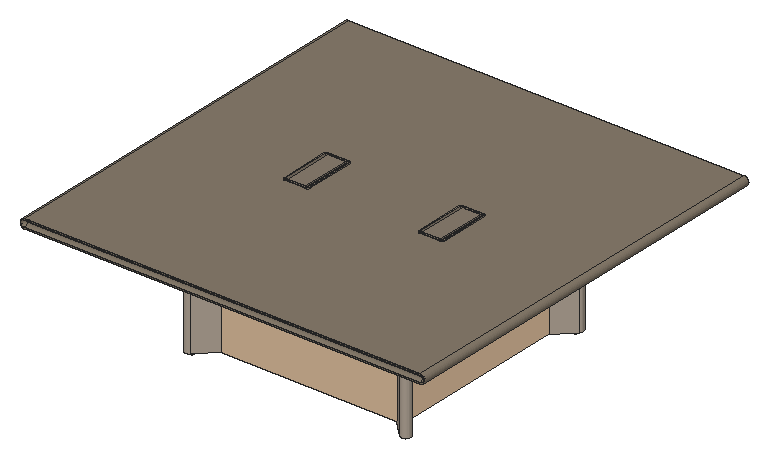
Revit family "Table-Teknion-CFSBCN_Figure_Table_Square_Gable_Enclosed_Base_Bullnose_Cove_Edge-R2023", category Furniture, Revit 2023
Family settings
  OmniClass Number = 23.40.20.00
  OmniClass Title = General Furniture and Specialties
  Work Plane-Based = No
  Enable Cutting in Views = No
  Always vertical = Yes
  Cut with Voids When Loaded = No
  Render Appearance Source = Family Geometry
  Shared = Yes
  Room Calculation Point = No
Parameters (values of type "Figure Table, Square, Gable Enclosed Base, Bullnose Cove Edge")
  Warranty = "http://www.teknion.com/ca/papers/legal-canada"
  Void Gap [instance] = if(Size > 66.000", 26.250", if(Size = 66.000", 23.500", 10.000"))  # 26.250"
  Unit Weight URL = "http://www.teknion.com/ca/tools/assets#&asset=bee6a381-b954-425e-8283-5a2de3a804f2,f828d448-4b62-4231-9e5f-9a8991c0ed77"
  URL = "www.teknion.com"
  Top Finish [instance] = Veneer -Teknion - UX - Rustic Oak - Brindle
  To render please download texture images found here [instance] = "https://assets.teknion.com/web/5e81352c1dfdb467/revit-material-swatches/"
  Sustainability Data = "https://www.teknion.com/ca/tools/assets#&topic=216f99a5-57a0-44fc-b10a-9dee9b29ae4c&asset=444deb64-fe58-4b68-981e-f75e97781df7,b4ff2d81-9f2e-437d-9659-7cffb09c31cf"
  Surface Power Access [instance] = yes
  Size [instance] = 90.000"
  Single Power Cut Out [instance] = if(Single Power, 2.250", 1.000")  # 1.000"
  Single Power [instance] = and(Surface Power Access, or(Size = 54.000", Size = 60.000"))  # no
  Series = "Custom Wood"  # constant formula
  Product Page URL = "https://www.teknion.com/ca/products/product-details?productLineId=f182336e-8e7a-673b-a6c8-ff00004460c4"
  Product Line = "Figure - Square Table"  # constant formula
  Product Documentation Link = "https://d2r72yk5wmppdj.cloudfront.net/m/7b6608f508e3c5a8/Community_Table_Cut_Sheet.pdf"
  Power Length [instance] = if(Size > 72.000", 11.820", 6.800")  # 11.820"
  Power Cover Finish [instance] = Paint - Teknion - Mica - Burnished Bronze
  Part Number = "CFSBCN"  # constant formula
  No Power Access [instance] = not(Surface Power Access)  # no
  Model = "CFSBCN__S__"
  Manufacturer Phone = "416-661-3370"  # constant formula
  Manufacturer Fax = "416.661.4586"  # constant formula
  Manufacturer Contact Information = "http://www.teknion.com/ca/contactus"
  Manufacturer Address = "1150 Flint Road, Toronto, ON. M3J 2J5. Canada"  # constant formula
  Manufacturer = "Teknion"  # constant formula
  How To Use Teknion Materials User Guide [instance] = "https://assets.teknion.com/m/205dd0a49fa58060/original/How-to-add-a-Material-Library-and-Texture-Images-to-your-Revit-project.pdf"
  For Additional Finishes please visit [instance] = "https://assets.teknion.com/m/44a8009b046e5d47/original/Teknion_Materials_Library.zip"
  Double Power Cut out [instance] = if(Double Power, 27.500", 10.000")  # 27.500"
  Double Power [instance] = and(Surface Power Access, Size > 60.000")  # yes
  Description = "Figure Table, Square, Gable Enclosed Base, Bullnose Cove Edge"
  Default Elevation = 0.000"
  Base Finish [instance] = Veneer-Teknion-LL-Natural_Veneer_V3-Silverwash_Flat_Cut
  Base Accent Finish [instance] = Veneer - Teknion - 5N - Flintwood - White Oak
  Available Size [instance] = "48\",54\",60\",66\",72\",78\",84\",90\""  # constant formula
  Assembly Code = "E2020200"
Reference planes (in)
  plane 1 "Center Front/Back": y = 0
  plane 2: z = 0
  plane 3 "Center Left/Right": x = 0
  plane 4 "Left": x = -45
  plane 5 "Right": x = 45
  plane 6 "Back": y = 45
  plane 7 "Front": y = -45
  plane 8 "Top": z = 29
  plane 9: x = -24
  plane 10: y = -24
  plane 11: x = 24
  plane 12: y = 24
Forms (in)
  Sweep 1, solid, material "Veneer -Teknion - UX - Rustic Oak - Brindle" <- "Top Finish"
    path origin (0, 0, 0) x (1, 0, 0) y (0, 1, 0)
      loop
        line (0, 45) -> (0, -45)
    profile origin (0, 0, 0) x (1, 0, 0) y (0, 0, 1)
      loop
        arc (-44, 29) -> (-45, 28) -> (-44, 27) r 1
        line (-44, 27) -> (44, 27)
        arc (44, 27) -> (45, 28) -> (44, 29) r 1
        line (44, 29) -> (-44, 29)
  Sweep 2, void
    path origin (0, 0, 0) x (1, 0, 0) y (0, 1, 0)
      loop
        line (-44, -45) -> (44, -45)
    profile origin (0, -45, 0) x (0, 1, 0) y (0, 0, 1)
      loop
        circle (0, 28) r 0.813
      loop
        circle (90, 28) r 0.813
  Revolve 3, void
    sketch origin (-64.19161, -45, 48) x (-1, 0, 0) y (0, 0, 1)
      loop
        line (-20.19161, -20) -> (-19.37861, -20)
        arc (-19.37861, -20) -> (-19.61673, -19.42512) -> (-20.19161, -19.187) r 0.813
        line (-20.19161, -19.187) -> (-20.19161, -20)
      axis (-20.19161, -20) -> (-19.37861, -20)
    angle from 0 to 360
  Revolve 4, void
    sketch origin (64.19161, -45, 48) x (1, 0, 0) y (0, 0, -1)
      loop
        line (-20.19161, 20) -> (-20.19161, 19.187)
        arc (-20.19161, 19.187) -> (-19.61673, 19.42512) -> (-19.37861, 20) r 0.813
        line (-19.37861, 20) -> (-20.19161, 20)
      axis (-20.19161, 20) -> (-19.37861, 20)
    angle from 0 to 360
  Revolve 5, void
    sketch origin (-64.19161, 45, 48) x (-1, 0, 0) y (0, 0, 1)
      loop
        line (-108.19161, -20) -> (-108.19161, -19.187)
        arc (-108.19161, -19.187) -> (-108.76648, -19.42512) -> (-109.00461, -20) r 0.813
        line (-109.00461, -20) -> (-108.19161, -20)
      axis (-108.19161, -20) -> (-109.00461, -20)
    angle from 0 to 360
  Revolve 6, void
    sketch origin (64.19161, 45, 48) x (1, 0, 0) y (0, 0, -1)
      loop
        line (-108.19161, 20) -> (-109.00461, 20)
        arc (-109.00461, 20) -> (-108.76648, 19.42512) -> (-108.19161, 19.187) r 0.813
        line (-108.19161, 19.187) -> (-108.19161, 20)
      axis (-108.19161, 20) -> (-109.00461, 20)
    angle from 0 to 360
  Sweep 7, solid, material "Veneer -Teknion - UX - Rustic Oak - Brindle" <- "Top Finish"
    path origin (-64.19161, 45, 48) x (-1, 0, 0) y (0, 0, 1)
      loop
        line (-64.19161, -20.5) -> (-64.19161, -21.25)
    profile origin (0, 45, 27.125) x (0, 1, 0) y (-1, 0, 0)
      loop
        line (-8, 37) -> (-82, 37) -> (-82, -37) -> (-8, -37) -> (-8, 37)
  Sweep 8, void
    path origin (-64.19161, 45, 48) x (-1, 0, 0) y (0, 0, 1)
      loop
        line (-64.19161, -20.5) -> (-64.19161, -21)
    profile origin (0, 45, 27.25) x (0, 1, 0) y (-1, 0, 0)
      loop
        line (-6, 39) -> (-84, 39) -> (-84, -39) -> (-6, -39) -> (-6, 39)
  Sweep 9, void
    path origin (-64.19161, 45, 48) x (-1, 0, 0) y (0, 0, 1)
      loop
        line (-64.19161, -48) -> (-64.19161, -20.5)
    profile origin (0, 45, 13.75) x (1, 0, 0) y (0, 1, 0)
      loop
        line (-11.75, -36.5) -> (-18.25, -36.5)
        arc (-18.25, -36.5) -> (-18.60355, -36.64645) -> (-18.75, -37) r 0.5
        line (-18.75, -37) -> (-18.75, -53)
        arc (-18.75, -53) -> (-18.60355, -53.35355) -> (-18.25, -53.5) r 0.5
        line (-18.25, -53.5) -> (-11.75, -53.5)
        arc (-11.75, -53.5) -> (-11.39645, -53.35355) -> (-11.25, -53) r 0.5
        line (-11.25, -53) -> (-11.25, -37)
        arc (-11.25, -37) -> (-11.39645, -36.64645) -> (-11.75, -36.5) r 0.5
      loop
        arc (11.75, -36.5) -> (11.39645, -36.64645) -> (11.25, -37) r 0.5
        line (11.25, -37) -> (11.25, -53)
        arc (11.25, -53) -> (11.39645, -53.35355) -> (11.75, -53.5) r 0.5
        line (11.75, -53.5) -> (18.25, -53.5)
        arc (18.25, -53.5) -> (18.60355, -53.35355) -> (18.75, -53) r 0.5
        line (18.75, -53) -> (18.75, -37)
        arc (18.75, -37) -> (18.60355, -36.64645) -> (18.25, -36.5) r 0.5
        line (18.25, -36.5) -> (11.75, -36.5)
  Sweep 10, void
    path origin (-64.19161, 45, 48) x (-1, 0, 0) y (0, 0, 1)
      loop
        line (-64.19161, -19) -> (-64.19161, -20.5)
    profile origin (0, 45, 28.25) x (0, 1, 0) y (-1, 0, 0)
      loop
        line (-39.09, 12.6987) -> (-39.09, 17.3013)
        arc (-39.09, 17.3013) -> (-39.20531, 17.57969) -> (-39.4837, 17.695) r 0.3937
        line (-39.4837, 17.695) -> (-50.5163, 17.695)
        arc (-50.5163, 17.695) -> (-50.79469, 17.57969) -> (-50.91, 17.3013) r 0.3937
        line (-50.91, 17.3013) -> (-50.91, 12.6987)
        arc (-50.91, 12.6987) -> (-50.79469, 12.42031) -> (-50.5163, 12.305) r 0.3937
        line (-50.5163, 12.305) -> (-39.4837, 12.305)
        arc (-39.4837, 12.305) -> (-39.20531, 12.42031) -> (-39.09, 12.6987) r 0.3937
      loop
        arc (-39.09, -12.6987) -> (-39.20531, -12.42031) -> (-39.4837, -12.305) r 0.3937
        line (-39.4837, -12.305) -> (-50.5163, -12.305)
        arc (-50.5163, -12.305) -> (-50.79469, -12.42031) -> (-50.91, -12.6987) r 0.3937
        line (-50.91, -12.6987) -> (-50.91, -17.3013)
        arc (-50.91, -17.3013) -> (-50.79469, -17.57969) -> (-50.5163, -17.695) r 0.3937
        line (-50.5163, -17.695) -> (-39.4837, -17.695)
        arc (-39.4837, -17.695) -> (-39.20531, -17.57969) -> (-39.09, -17.3013) r 0.3937
        line (-39.09, -17.3013) -> (-39.09, -12.6987)
  Sweep 11, solid, material "Paint - Teknion - Mica - Burnished Bronze" <- "Power Cover Finish", visible <- "Double Power"
    path origin (0, 0, 0) x (1, 0, 0) y (0, 1, 0)
      loop
        line (17.3013, 5.91) -> (12.6987, 5.91)
        arc (12.6987, 5.91) -> (12.42031, 5.79469) -> (12.305, 5.5163) r 0.3937
        line (12.305, 5.5163) -> (12.305, -5.5163)
        arc (12.305, -5.5163) -> (12.42031, -5.79469) -> (12.6987, -5.91) r 0.3937
        line (12.6987, -5.91) -> (17.3013, -5.91)
        arc (17.3013, -5.91) -> (17.57969, -5.79469) -> (17.695, -5.5163) r 0.3937
        line (17.695, -5.5163) -> (17.695, 5.5163)
        arc (17.695, 5.5163) -> (17.57969, 5.79469) -> (17.3013, 5.91) r 0.3937
    profile origin (15, 5.91, 0) x (0, -1, 0) y (0, 0, 1)
      loop
        line (-0.005, 27.5) -> (0.18494, 27.5) -> (0.18494, 28.2441) -> (0.14161, 29.07087) -> (-0.10249, 29.07087) -> (-0.10249, 29) -> (-0.005, 29) -> (-0.005, 27.5)
  Sweep 12, solid, material "Paint - Teknion - Mica - Burnished Bronze" <- "Power Cover Finish", visible <- "Double Power"
    path origin (0, 0, 0) x (1, 0, 0) y (0, 1, 0)
      loop
        line (-12.6987, 5.91) -> (-17.3013, 5.91)
        arc (-17.3013, 5.91) -> (-17.57969, 5.79469) -> (-17.695, 5.5163) r 0.3937
        line (-17.695, 5.5163) -> (-17.695, -5.5163)
        arc (-17.695, -5.5163) -> (-17.57969, -5.79469) -> (-17.3013, -5.91) r 0.3937
        line (-17.3013, -5.91) -> (-12.6987, -5.91)
        arc (-12.6987, -5.91) -> (-12.42031, -5.79469) -> (-12.305, -5.5163) r 0.3937
        line (-12.305, -5.5163) -> (-12.305, 5.5163)
        arc (-12.305, 5.5163) -> (-12.42031, 5.79469) -> (-12.6987, 5.91) r 0.3937
    profile origin (-15, 5.91, 0) x (0, -1, 0) y (0, 0, 1)
      loop
        line (-0.13263, 29.07087) -> (-0.13263, 29) -> (-0.005, 29) -> (-0.005, 27.5) -> (0.15479, 27.5) -> (0.15479, 28.2441) -> (0.11146, 29.07087) -> (-0.13263, 29.07087)
  Sweep 13, solid, material "Paint - Teknion - Mica - Burnished Bronze" <- "Power Cover Finish", visible <- "Double Power"
    path origin (-64.19161, 45, 48) x (-1, 0, 0) y (0, 0, 1)
      loop
        line (-64.19161, -18.9685) -> (-64.19161, -19.12598)
    profile origin (0, 45, 28.95276) x (0, 1, 0) y (-1, 0, 0)
      loop
        arc (-39.31687, 16.85039) -> (-39.35111, 16.93304) -> (-39.43375, 16.96727) r 0.11687
        line (-39.43375, 16.96727) -> (-50.53611, 16.96727)
        arc (-50.53611, 16.96727) -> (-50.61875, 16.93304) -> (-50.65298, 16.85039) r 0.11687
        line (-50.65298, 16.85039) -> (-50.65298, 13.14961)
        arc (-50.65298, 13.14961) -> (-50.61875, 13.06696) -> (-50.53611, 13.03273) r 0.11687
        line (-50.53611, 13.03273) -> (-39.43375, 13.03273)
        arc (-39.43375, 13.03273) -> (-39.35111, 13.06696) -> (-39.31687, 13.14961) r 0.11687
        line (-39.31687, 13.14961) -> (-39.31687, 16.85039)
      loop
        arc (-39.31687, -13.14961) -> (-39.35111, -13.06696) -> (-39.43375, -13.03273) r 0.11687
        line (-39.43375, -13.03273) -> (-50.53611, -13.03273)
        arc (-50.53611, -13.03273) -> (-50.61875, -13.06696) -> (-50.65298, -13.14961) r 0.11687
        line (-50.65298, -13.14961) -> (-50.65298, -16.85039)
        arc (-50.65298, -16.85039) -> (-50.61875, -16.93304) -> (-50.53611, -16.96727) r 0.11687
        line (-50.53611, -16.96727) -> (-39.43375, -16.96727)
        arc (-39.43375, -16.96727) -> (-39.35111, -16.93304) -> (-39.31687, -16.85039) r 0.11687
        line (-39.31687, -16.85039) -> (-39.31687, -13.14961)
  Sweep 14, void
    path origin (-64.19161, 45, 48) x (-1, 0, 0) y (0, 0, 1)
      loop
        line (-64.19161, -19) -> (-64.19161, -20)
    profile origin (0, 45, 28.5) x (0, 1, 0) y (-1, 0, 0)
      loop
        arc (-53, 3.75) -> (-53.35355, 3.60355) -> (-53.5, 3.25) r 0.5
        line (-53.5, 3.25) -> (-53.5, -3.25)
        arc (-53.5, -3.25) -> (-53.35355, -3.60355) -> (-53, -3.75) r 0.5
        line (-53, -3.75) -> (-37, -3.75)
        arc (-37, -3.75) -> (-36.64645, -3.60355) -> (-36.5, -3.25) r 0.5
        line (-36.5, -3.25) -> (-36.5, 3.25)
        arc (-36.5, 3.25) -> (-36.64645, 3.60355) -> (-37, 3.75) r 0.5
        line (-37, 3.75) -> (-53, 3.75)
  Sweep 15, void
    path origin (-64.19161, 45, 48) x (-1, 0, 0) y (0, 0, 1)
      loop
        line (-64.19161, -19) -> (-64.19161, -20.5)
    profile origin (0, 45, 28.25) x (0, 1, 0) y (-1, 0, 0)
      loop
        arc (-39.09, 2.3013) -> (-39.20678, 2.58322) -> (-39.4887, 2.7) r 0.3987
        line (-39.4887, 2.7) -> (-50.5113, 2.7)
        arc (-50.5113, 2.7) -> (-50.79322, 2.58322) -> (-50.91, 2.3013) r 0.3987
        line (-50.91, 2.3013) -> (-50.91, -2.3013)
        arc (-50.91, -2.3013) -> (-50.79322, -2.58322) -> (-50.5113, -2.7) r 0.3987
        line (-50.5113, -2.7) -> (-39.4887, -2.7)
        arc (-39.4887, -2.7) -> (-39.20678, -2.58322) -> (-39.09, -2.3013) r 0.3987
        line (-39.09, -2.3013) -> (-39.09, 2.3013)
  Sweep 16, solid, material "Paint - Teknion - Mica - Burnished Bronze" <- "Power Cover Finish", visible <- "Single Power"
    path origin (0, 0, 0) x (1, 0, 0) y (0, 1, 0)
      loop
        line (2.3013, 5.91) -> (-2.3013, 5.91)
        arc (-2.3013, 5.91) -> (-2.58322, 5.79322) -> (-2.7, 5.5113) r 0.3987
        line (-2.7, 5.5113) -> (-2.7, -5.5113)
        arc (-2.7, -5.5113) -> (-2.58322, -5.79322) -> (-2.3013, -5.91) r 0.3987
        line (-2.3013, -5.91) -> (2.3013, -5.91)
        arc (2.3013, -5.91) -> (2.58322, -5.79322) -> (2.7, -5.5113) r 0.3987
        line (2.7, -5.5113) -> (2.7, 5.5113)
        arc (2.7, 5.5113) -> (2.58322, 5.79322) -> (2.3013, 5.91) r 0.3987
    profile origin (0, 5.91, 0) x (0, -1, 0) y (0, 0, 1)
      loop
        line (-0.13263, 29.07087) -> (-0.13263, 29) -> (-0.005, 29) -> (-0.005, 27.5) -> (0.15479, 27.5) -> (0.15479, 28.2441) -> (0.11146, 29.07087) -> (-0.13263, 29.07087)
  Sweep 17, solid, material "Paint - Teknion - Mica - Burnished Bronze" <- "Power Cover Finish", visible <- "Single Power"
    path origin (-64.19161, 45, 48) x (-1, 0, 0) y (0, 0, 1)
      loop
        line (-64.19161, -18.9685) -> (-64.19161, -19.12598)
    profile origin (0, 45, 28.95276) x (0, 1, 0) y (-1, 0, 0)
      loop
        arc (-50.53611, 1.96727) -> (-50.61875, 1.93304) -> (-50.65298, 1.85039) r 0.11687
        line (-50.65298, 1.85039) -> (-50.65298, -1.85039)
        arc (-50.65298, -1.85039) -> (-50.61875, -1.93304) -> (-50.53611, -1.96727) r 0.11687
        line (-50.53611, -1.96727) -> (-39.43375, -1.96727)
        arc (-39.43375, -1.96727) -> (-39.35111, -1.93304) -> (-39.31687, -1.85039) r 0.11687
        line (-39.31687, -1.85039) -> (-39.31687, 1.85039)
        arc (-39.31687, 1.85039) -> (-39.35111, 1.93304) -> (-39.43375, 1.96727) r 0.11687
        line (-39.43375, 1.96727) -> (-50.53611, 1.96727)
Cuts and joins
  Sweep 2, Revolve 3, Revolve 4, Revolve 5, Revolve 6, Sweep 8, Sweep 10, Sweep 15 cuts Sweep 1
  Sweep 9, Sweep 14 cuts Sweep 7
Lines and regions (in)
  Masking region 1
    outline origin (0, 0, 0) x (1, 0, 0) y (0, 1, 0)
      loop
        line (-45, 45) -> (-45, -45) -> (45, -45) -> (45, 45) -> (-45, 45)
  symbolic lines, visible <- "Double Power"
    curve 1: line (-12.6987, 6.04263, 0) -> (-17.3013, 6.04263, 0)
    curve 2: line (-17.3013, 5.79854, 0) -> (-12.6987, 5.79854, 0)
    curve 3: line (-17.3013, 5.75521, 0) -> (-12.6987, 5.75521, 0)
    curve 4: line (-13.14961, 5.68313, 0) -> (-16.85039, 5.68313, 0)
    curve 5: line (-16.96727, 5.56625, 0) -> (-16.96727, -5.53611, 0)
    curve 6: line (-13.03273, -5.53611, 0) -> (-13.03273, 5.56625, 0)
    curve 7: line (-12.45979, 5.5163, 0) -> (-12.45979, -5.5163, 0)
    curve 8: line (-12.41646, -5.5163, 0) -> (-12.41646, 5.5163, 0)
    curve 9: line (-12.17237, -5.5163, 0) -> (-12.17237, 5.5163, 0)
    curve 10: line (-17.54021, -5.5163, 0) -> (-17.54021, 5.5163, 0)
    curve 11: line (-17.58354, 5.5163, 0) -> (-17.58354, -5.5163, 0)
    curve 12: line (-17.82763, 5.5163, 0) -> (-17.82763, -5.5163, 0)
    curve 13: line (-16.85039, -5.65298, 0) -> (-13.14961, -5.65298, 0)
    curve 14: line (-12.6987, -5.75521, 0) -> (-17.3013, -5.75521, 0)
    curve 15: line (-17.3013, -5.79854, 0) -> (-12.6987, -5.79854, 0)
    curve 16: line (-17.3013, -6.04263, 0) -> (-12.6987, -6.04263, 0)
    curve 17: arc (-16.96727, -5.53611, 0) -> (-16.93304, -5.61875, 0) -> (-16.85039, -5.65298, 0) r 0.11687
    curve 18: arc (-17.58354, -5.5163, 0) -> (-17.50087, -5.71587, 0) -> (-17.3013, -5.79854, 0) r 0.28224
    curve 19: arc (-17.82763, -5.5163, 0) -> (-17.67347, -5.88847, 0) -> (-17.3013, -6.04263, 0) r 0.52633
    curve 20: arc (-13.14961, -5.65298, 0) -> (-13.06696, -5.61875, 0) -> (-13.03273, -5.53611, 0) r 0.11687
    curve 21: arc (-12.6987, -5.75521, 0) -> (-12.52977, -5.68523, 0) -> (-12.45979, -5.5163, 0) r 0.23891
    curve 22: arc (-12.6987, -5.79854, 0) -> (-12.49913, -5.71587, 0) -> (-12.41646, -5.5163, 0) r 0.28224
    curve 23: arc (-12.6987, -6.04263, 0) -> (-12.32653, -5.88847, 0) -> (-12.17237, -5.5163, 0) r 0.52633
    curve 24: arc (-13.03273, 5.56625, 0) -> (-13.06696, 5.64889, 0) -> (-13.14961, 5.68313, 0) r 0.11687
    curve 25: arc (-12.45979, 5.5163, 0) -> (-12.52977, 5.68523, 0) -> (-12.6987, 5.75521, 0) r 0.23891
    curve 26: arc (-12.41646, 5.5163, 0) -> (-12.49913, 5.71587, 0) -> (-12.6987, 5.79854, 0) r 0.28224
    curve 27: arc (-12.17237, 5.5163, 0) -> (-12.32653, 5.88847, 0) -> (-12.6987, 6.04263, 0) r 0.52633
    curve 28: arc (-16.85039, 5.68313, 0) -> (-16.93304, 5.64889, 0) -> (-16.96727, 5.56625, 0) r 0.11687
    curve 29: arc (-17.3013, 5.75521, 0) -> (-17.47023, 5.68523, 0) -> (-17.54021, 5.5163, 0) r 0.23891
    curve 30: arc (-17.3013, 5.79854, 0) -> (-17.50087, 5.71587, 0) -> (-17.58354, 5.5163, 0) r 0.28224
    curve 31: arc (-17.3013, 6.04263, 0) -> (-17.67347, 5.88847, 0) -> (-17.82763, 5.5163, 0) r 0.52633
    curve 32: arc (-17.54021, -5.5163, 0) -> (-17.47023, -5.68523, 0) -> (-17.3013, -5.75521, 0) r 0.23891
    curve 33: line (17.3013, 6.01249, 0) -> (12.6987, 6.01249, 0)
    curve 34: line (12.6987, 5.72506, 0) -> (17.3013, 5.72506, 0)
    curve 35: line (12.6987, 5.76839, 0) -> (17.3013, 5.76839, 0)
    curve 36: line (16.85039, 5.68313, 0) -> (13.14961, 5.68313, 0)
    curve 37: line (12.20251, 5.5163, 0) -> (12.20251, -5.5163, 0)
    curve 38: line (12.44661, 5.5163, 0) -> (12.44661, -5.5163, 0)
    curve 39: line (12.48994, -5.5163, 0) -> (12.48994, 5.5163, 0)
    curve 40: line (13.03273, 5.56625, 0) -> (13.03273, -5.53611, 0)
    curve 41: line (16.96727, -5.53611, 0) -> (16.96727, 5.56625, 0)
    curve 42: line (17.51006, 5.5163, 0) -> (17.51006, -5.5163, 0)
    curve 43: line (17.55339, -5.5163, 0) -> (17.55339, 5.5163, 0)
    curve 44: line (17.79749, -5.5163, 0) -> (17.79749, 5.5163, 0)
    curve 45: line (13.14961, -5.65298, 0) -> (16.85039, -5.65298, 0)
    curve 46: line (17.3013, -5.72506, 0) -> (12.6987, -5.72506, 0)
    curve 47: line (12.6987, -5.76839, 0) -> (17.3013, -5.76839, 0)
    curve 48: line (12.6987, -6.01249, 0) -> (17.3013, -6.01249, 0)
    curve 49: arc (12.20251, -5.5163, 0) -> (12.34784, -5.86716, 0) -> (12.6987, -6.01249, 0) r 0.49619
    curve 50: arc (12.44661, -5.5163, 0) -> (12.52044, -5.69456, 0) -> (12.6987, -5.76839, 0) r 0.25209
    curve 51: arc (12.48994, -5.5163, 0) -> (12.55108, -5.66392, 0) -> (12.6987, -5.72506, 0) r 0.20877
    curve 52: arc (13.03273, -5.53611, 0) -> (13.06696, -5.61875, 0) -> (13.14961, -5.65298, 0) r 0.11687
    curve 53: arc (16.85039, -5.65298, 0) -> (16.93304, -5.61875, 0) -> (16.96727, -5.53611, 0) r 0.11687
    curve 54: arc (17.3013, -5.72506, 0) -> (17.44892, -5.66392, 0) -> (17.51006, -5.5163, 0) r 0.20877
    curve 55: arc (17.3013, -5.76839, 0) -> (17.47956, -5.69456, 0) -> (17.55339, -5.5163, 0) r 0.25209
    curve 56: arc (17.3013, -6.01249, 0) -> (17.65216, -5.86716, 0) -> (17.79749, -5.5163, 0) r 0.49619
    curve 57: arc (16.96727, 5.56625, 0) -> (16.93304, 5.64889, 0) -> (16.85039, 5.68313, 0) r 0.11687
    curve 58: arc (17.51006, 5.5163, 0) -> (17.44892, 5.66392, 0) -> (17.3013, 5.72506, 0) r 0.20877
    curve 59: arc (17.55339, 5.5163, 0) -> (17.47956, 5.69456, 0) -> (17.3013, 5.76839, 0) r 0.25209
    curve 60: arc (17.79749, 5.5163, 0) -> (17.65216, 5.86716, 0) -> (17.3013, 6.01249, 0) r 0.49619
    curve 61: arc (13.14961, 5.68313, 0) -> (13.06696, 5.64889, 0) -> (13.03273, 5.56625, 0) r 0.11687
    curve 62: arc (12.6987, 5.72506, 0) -> (12.55108, 5.66392, 0) -> (12.48994, 5.5163, 0) r 0.20877
    curve 63: arc (12.6987, 5.76839, 0) -> (12.52044, 5.69456, 0) -> (12.44661, 5.5163, 0) r 0.25209
    curve 64: arc (12.6987, 6.01249, 0) -> (12.34784, 5.86716, 0) -> (12.20251, 5.5163, 0) r 0.49619
  symbolic lines, visible <- "Single Power"
    curve 65: line (2.3013, 6.04263, 0) -> (-2.3013, 6.04263, 0)
    curve 66: line (-2.3013, 5.79854, 0) -> (2.3013, 5.79854, 0)
    curve 67: line (-2.3013, 5.75521, 0) -> (2.3013, 5.75521, 0)
    curve 68: line (1.85039, 5.68313, 0) -> (-1.85039, 5.68313, 0)
    curve 69: line (-2.83263, 5.5113, 0) -> (-2.83263, -5.5113, 0)
    curve 70: line (-2.58854, -5.5113, 0) -> (-2.58854, 5.5113, 0)
    curve 71: line (-2.54521, -5.5113, 0) -> (-2.54521, 5.5113, 0)
    curve 72: line (-1.96727, 5.56625, 0) -> (-1.96727, -5.53611, 0)
    curve 73: line (1.96727, -5.53611, 0) -> (1.96727, 5.56625, 0)
    curve 74: line (2.54521, 5.5113, 0) -> (2.54521, -5.5113, 0)
    curve 75: line (2.58854, 5.5113, 0) -> (2.58854, -5.5113, 0)
    curve 76: line (2.83263, -5.5113, 0) -> (2.83263, 5.5113, 0)
    curve 77: line (-1.85039, -5.65298, 0) -> (1.85039, -5.65298, 0)
    curve 78: line (2.3013, -5.75521, 0) -> (-2.3013, -5.75521, 0)
    curve 79: line (2.3013, -5.79854, 0) -> (-2.3013, -5.79854, 0)
    curve 80: line (-2.3013, -6.04263, 0) -> (2.3013, -6.04263, 0)
    curve 81: arc (-2.83263, -5.5113, 0) -> (-2.67701, -5.88701, 0) -> (-2.3013, -6.04263, 0) r 0.53133
    curve 82: arc (-2.3013, -5.79854, 0) -> (-2.50441, -5.71441, 0) -> (-2.58854, -5.5113, 0) r 0.28724
    curve 83: arc (-2.54521, -5.5113, 0) -> (-2.47377, -5.68377, 0) -> (-2.3013, -5.75521, 0) r 0.24391
    curve 84: arc (-1.96727, -5.53611, 0) -> (-1.93304, -5.61875, 0) -> (-1.85039, -5.65298, 0) r 0.11687
    curve 85: arc (1.85039, -5.65298, 0) -> (1.93304, -5.61875, 0) -> (1.96727, -5.53611, 0) r 0.11687
    curve 86: arc (2.3013, -5.75521, 0) -> (2.47377, -5.68377, 0) -> (2.54521, -5.5113, 0) r 0.24391
    curve 87: arc (2.58854, -5.5113, 0) -> (2.50441, -5.71441, 0) -> (2.3013, -5.79854, 0) r 0.28724
    curve 88: arc (2.3013, -6.04263, 0) -> (2.67701, -5.88701, 0) -> (2.83263, -5.5113, 0) r 0.53133
    curve 89: arc (1.96727, 5.56625, 0) -> (1.93304, 5.64889, 0) -> (1.85039, 5.68313, 0) r 0.11687
    curve 90: arc (2.54521, 5.5113, 0) -> (2.47377, 5.68377, 0) -> (2.3013, 5.75521, 0) r 0.24391
    curve 91: arc (2.3013, 5.79854, 0) -> (2.50441, 5.71441, 0) -> (2.58854, 5.5113, 0) r 0.28724
    curve 92: arc (2.83263, 5.5113, 0) -> (2.67701, 5.88701, 0) -> (2.3013, 6.04263, 0) r 0.53133
    curve 93: arc (-1.85039, 5.68313, 0) -> (-1.93304, 5.64889, 0) -> (-1.96727, 5.56625, 0) r 0.11687
    curve 94: arc (-2.3013, 5.75521, 0) -> (-2.47377, 5.68377, 0) -> (-2.54521, 5.5113, 0) r 0.24391
    curve 95: arc (-2.58854, 5.5113, 0) -> (-2.50441, 5.71441, 0) -> (-2.3013, 5.79854, 0) r 0.28724
    curve 96: arc (-2.3013, 6.04263, 0) -> (-2.67701, 5.88701, 0) -> (-2.83263, 5.5113, 0) r 0.53133
  symbolic lines, style "FurnitureHiddenLines", detail levels medium+fine
    curve 97: line (-39, 39, 0) -> (39, 39, 0)
    curve 98: line (-39, -39, 0) -> (-39, 39, 0)
    curve 99: line (39, -39, 0) -> (-39, -39, 0)
    curve 100: line (39, 39, 0) -> (39, -39, 0)
    curve 101: line (-37, 37, 0) -> (37, 37, 0)
    curve 102: line (-37, -37, 0) -> (-37, 37, 0)
    curve 103: line (37, -37, 0) -> (-37, -37, 0)
    curve 104: line (37, 37, 0) -> (37, -37, 0)
    curve 129: arc (-44.813, 45.00087, 0) -> (-44.57519, 44.42543, 0) -> (-44, 44.187, 0) r 0.813
    curve 130: line (-44, 44.187, 0) -> (44, 44.187, 0)
    curve 131: arc (44, 44.187, 0) -> (44.57543, 44.42567, 0) -> (44.813, 45.00155, 0) r 0.813
    curve 132: arc (-44.813, -45.00087, 0) -> (-44.57519, -44.42543, 0) -> (-44, -44.187, 0) r 0.813
    curve 133: line (-44, -44.187, 0) -> (44, -44.187, 0)
    curve 134: arc (44, -44.187, 0) -> (44.57543, -44.42567, 0) -> (44.813, -45.00155, 0) r 0.813
  symbolic lines, style "FurnitureHiddenLines", visible <- "Double Power", detail levels medium+fine
    curve 105: line (-11.75, 8.5, 0) -> (-18.25, 8.5, 0)
    curve 106: line (-18.75, 8, 0) -> (-18.75, -8, 0)
    curve 107: line (-18.25, -8.5, 0) -> (-11.75, -8.5, 0)
    curve 108: line (-11.25, -8, 0) -> (-11.25, 8, 0)
    curve 109: arc (-18.25, -8.5, 0) -> (-18.60355, -8.35355, 0) -> (-18.75, -8, 0) r 0.5
    curve 110: arc (-11.25, -8, 0) -> (-11.39645, -8.35355, 0) -> (-11.75, -8.5, 0) r 0.5
    curve 111: arc (-18.75, 8, 0) -> (-18.60355, 8.35355, 0) -> (-18.25, 8.5, 0) r 0.5
    curve 112: arc (-11.75, 8.5, 0) -> (-11.39645, 8.35355, 0) -> (-11.25, 8, 0) r 0.5
    curve 121: line (18.25, 8.5, 0) -> (11.75, 8.5, 0)
    curve 122: line (11.75, -8.5, 0) -> (18.25, -8.5, 0)
    curve 123: line (11.25, 8, 0) -> (11.25, -8, 0)
    curve 124: line (18.75, -8, 0) -> (18.75, 8, 0)
    curve 125: arc (18.25, 8.5, 0) -> (18.60355, 8.35355, 0) -> (18.75, 8, 0) r 0.5
    curve 126: arc (11.25, 8, 0) -> (11.39645, 8.35355, 0) -> (11.75, 8.5, 0) r 0.5
    curve 127: arc (11.75, -8.5, 0) -> (11.39645, -8.35355, 0) -> (11.25, -8, 0) r 0.5
    curve 128: arc (18.75, -8, 0) -> (18.60355, -8.35355, 0) -> (18.25, -8.5, 0) r 0.5
  symbolic lines, style "FurnitureHiddenLines", visible <- "Single Power", detail levels medium+fine
    curve 113: line (-3.75, 8, 0) -> (-3.75, -8, 0)
    curve 114: line (-3.25, -8.5, 0) -> (3.25, -8.5, 0)
    curve 115: line (3.75, -8, 0) -> (3.75, 8, 0)
    curve 116: arc (-3.75, -8, 0) -> (-3.60355, -8.35355, 0) -> (-3.25, -8.5, 0) r 0.5
    curve 117: arc (3.25, -8.5, 0) -> (3.60355, -8.35355, 0) -> (3.75, -8, 0) r 0.5
    curve 118: line (3.25, 8.5, 0) -> (-3.25, 8.5, 0)
    curve 119: arc (-3.25, 8.5, 0) -> (-3.60355, 8.35355, 0) -> (-3.75, 8, 0) r 0.5
    curve 120: arc (3.75, 8, 0) -> (3.60355, 8.35355, 0) -> (3.25, 8.5, 0) r 0.5
  reference lines
    curve 135: line (-45, 45, 0) -> (-45, -45, 0)
    curve 136: line (45, 45, 0) -> (45, -45, 0)
    curve 137: line (-45, 45, 0) -> (45, 45, 0)
    curve 138: line (-45, -45, 0) -> (45, -45, 0)
Dimensions and locks (in)
  "Size": plane 4 "Left" to plane 5 "Right"
  "Size": plane 6 "Back" to plane 7 "Front"
  plane 8 "Top" to level = 29.000"
  equal spacing: plane 6 "Back", plane 1 "Center Front/Back", plane 7 "Front"
  equal spacing: plane 4 "Left", plane 3 "Center Left/Right", plane 5 "Right"
  locked: Sweep 1 sketch curve to Sweep 1 sketch curve at 2
  locked: Sweep 1 sketch curve to plane 4 "Left" at 1
  locked: Sweep 1 sketch curve to plane 5 "Right" at 1
  locked: Sweep 2 sketch curve to plane 5 "Right" at 1
  locked: plane 4 "Left" to Sweep 2 sketch curve at 1
  locked: plane 8 "Top" to Sweep 2 sketch curve at 1  (x2)
  locked: plane 8 "Top" to Revolve 3 sketch curve at 1  (x2)
  locked: plane 8 "Top" to Revolve 5 sketch curve at 1  (x2)
  locked: plane 8 "Top" to Revolve 6 sketch curve at 1  (x2)
  plane 8 "Top" to Sweep 7 sketch curve to Sweep 7 sketch curve = 1.500" locked, 0.750" locked
  locked: plane 4 "Left" to Sweep 7 sketch curve at 8
  locked: Sweep 7 sketch curve to plane 5 "Right" at 8
  locked: plane 6 "Back" to Sweep 7 sketch curve at 8
  locked: plane 7 "Front" to Sweep 7 sketch curve at 8
  Sweep 8 sketch curve to Sweep 8 sketch curve to plane 8 "Top" = 0.500" locked, 1.500" locked
  locked: plane 4 "Left" to Sweep 8 sketch curve at 6
  locked: Sweep 8 sketch curve to plane 5 "Right" at 6
  locked: plane 6 "Back" to Sweep 8 sketch curve at 6
  locked: plane 7 "Front" to Sweep 8 sketch curve at 6
  Sweep 9 sketch curve to plane 1 "Center Front/Back" to Sweep 9 sketch curve = 8.500" locked, 8.500" locked
  locked: Sweep 10 sketch curve to Sweep 10 sketch curve at 1.5
  equal spacing: Sweep 10 sketch curve, plane 1 "Center Front/Back", Sweep 10 sketch curve
  "Power Length": Sweep 10 sketch curve to Sweep 10 sketch curve
  Sweep 11 sketch curve to Sweep 11 sketch curve to Sweep 11 sketch curve = 0.7559" locked, 0.07087" locked
  locked: plane 8 "Top" to Revolve 4 sketch curve at 1  (x2)
  Sweep 11 sketch curve to Sweep 11 sketch curve to Sweep 11 sketch curve = 0.09749" locked, 0.18994" locked
  Sweep 12 sketch curve to Sweep 12 sketch curve to Sweep 12 sketch curve = 0.15979" locked, 0.12763" locked
  Sweep 13 sketch curve to plane 8 "Top" to Sweep 13 sketch curve = 0.0315" locked, 0.12598" locked
  Sweep 14 sketch curve to plane 3 "Center Left/Right" to Sweep 14 sketch curve = 3.750" locked, 3.750" locked
  Sweep 14 sketch curve to plane 1 "Center Front/Back" to Sweep 14 sketch curve = 8.500" locked, 8.500" locked
  Sweep 15 sketch curve to plane 3 "Center Left/Right" to Sweep 15 sketch curve = 2.700" locked, 2.700" locked
  equal spacing: Sweep 15 sketch curve, plane 1 "Center Front/Back", Sweep 15 sketch curve
  "Power Length": Sweep 15 sketch curve to Sweep 15 sketch curve
  Sweep 16 sketch curve to Sweep 16 sketch curve to Sweep 16 sketch curve = 0.11646" locked, 0.12763" locked
  Sweep 17 sketch curve to plane 8 "Top" to Sweep 17 sketch curve = 0.0315" locked, 0.12598" locked
  Sweep 17 sketch curve to plane 3 "Center Left/Right" to Sweep 17 sketch curve = 1.96727" locked, 1.96727" locked
  locked: Sweep 16 to Sweep 17 sketch curve at 0.3595
  locked: Sweep 16 to Sweep 17 sketch curve at 0.38965
  locked: Sweep 9 sketch curve to Sweep 9 sketch curve at 7.5  (x2)
  "Void Gap": plane 4 "Left" to Sweep 9 sketch curve
  "Void Gap": Sweep 9 sketch curve to plane 5 "Right"
  locked: Sweep 10 sketch curve to Sweep 10 sketch curve at 5.39  (x2)
  locked: Sweep 12 to Sweep 13 sketch curve at 0.3595
  locked: Sweep 12 to Sweep 13 sketch curve at 0.38965
  locked: Sweep 12 to Sweep 13 sketch curve at 0.86036
  locked: Sweep 13 sketch curve to Sweep 12 at 0.86036
  locked: Sweep 11 to Sweep 13 sketch curve at 0.83022
  locked: Sweep 13 sketch curve to Sweep 11 at 0.83022
  "Double Power Cut out": Sweep 9 sketch curve to Sweep 9 sketch curve
  locked: Sweep 9 to Sweep 10 sketch curve at 1.055
  locked: Sweep 10 sketch curve to Sweep 9 at 1.055
  "Single Power Cut Out": Sweep 14 sketch curve to Sweep 14 sketch curve
  locked: plane 6 "Back" to curve 130 at 0.813
  locked: curve 131 to plane 5 "Right" at 1
  locked: plane 4 "Left" to curve 130 at 1
  locked: plane 7 "Front" to curve 133 at 0.813
  locked: curve 134 to plane 5 "Right" at 1
  locked: plane 4 "Left" to curve 133 at 1
  locked: Revolve 4 sketch curve to plane 5 "Right" at 1
  Revolve 3 sketch curve to Revolve 3 sketch curve to plane 4 "Left" = 0.000" locked, 1.000" locked
  Revolve 5 sketch curve to Revolve 5 sketch curve to plane 5 "Right" = 0.000" locked, 1.000" locked
  Revolve 6 sketch curve to Revolve 6 sketch curve to plane 4 "Left" = 0.000" locked, 1.000" locked
  locked: Sweep 12 sketch curve to Sweep 12 sketch curve at 0.07087
  aligned and locked: level to plane 2
  aligned and locked: Sweep 1 sketch curve to plane 3 "Center Left/Right"
  aligned and locked: plane 6 "Back" to Sweep 1 sketch curve
  aligned and locked: plane 7 "Front" to Sweep 1 sketch curve
  aligned and locked: Sweep 1 sketch curve to plane 8 "Top"
  aligned and locked: plane 7 "Front" to Sweep 2 sketch curve  (x2)
  aligned and locked: plane 6 "Back" to Sweep 2 sketch curve
  aligned and locked: Sweep 8 sketch curve to plane 3 "Center Left/Right"
  aligned and locked: plane 3 "Center Left/Right" to Sweep 9 sketch curve
  aligned and locked: Sweep 9 sketch curve to Sweep 9 sketch curve  (x2)
  aligned and locked: Sweep 10 sketch curve to plane 3 "Center Left/Right"
  aligned and locked: plane 8 "Top" to Sweep 10 sketch curve
  aligned and locked: Sweep 10 sketch curve to Sweep 10 sketch curve  (x2)
  aligned and locked: Sweep 11 sketch curve to plane 8 "Top"
  aligned and locked: cut or joined group of Sweep 1, Sweep 2, Revolve 3, Revolve 4, Revolve 5, Revolve 6, Sweep 8, Sweep 10, Sweep 15 to Sweep 11 sketch curve
  aligned and locked: cut or joined group of Sweep 1, Sweep 2, Revolve 3, Revolve 4, Revolve 5, Revolve 6, Sweep 8, Sweep 10, Sweep 15 to Revolve 4 sketch curve
  aligned and locked: plane 8 "Top" to Sweep 12 sketch curve
  aligned and locked: cut or joined group of Sweep 1, Sweep 2, Revolve 3, Revolve 4, Revolve 5, Revolve 6, Sweep 8, Sweep 10, Sweep 15 to Sweep 12 sketch curve
  aligned and locked: Sweep 13 sketch curve to plane 3 "Center Left/Right"
  aligned and locked: Sweep 14 sketch curve to plane 3 "Center Left/Right"
  aligned and locked: Sweep 15 sketch curve to plane 3 "Center Left/Right"
  aligned and locked: Sweep 16 sketch curve to Sweep 15  (x4)
  aligned and locked: plane 8 "Top" to Sweep 16 sketch curve
  aligned and locked: Sweep 12 sketch curve to Sweep 10  (x4)
  aligned and locked: Sweep 11 sketch curve to Sweep 10  (x4)
  aligned and locked: Sweep 13 sketch curve to Sweep 13 sketch curve  (x2)
  aligned and locked: plane 2 to Sweep 9 sketch curve
  aligned and locked: Sweep 16 sketch curve to cut or joined group of Sweep 1, Sweep 2, Revolve 3, Revolve 4, Revolve 5, Revolve 6, Sweep 8, Sweep 10, Sweep 15
  aligned and locked: cut or joined group of Sweep 1, Sweep 2, Revolve 3, Revolve 4, Revolve 5, Revolve 6, Sweep 8, Sweep 10, Sweep 15 to Sweep 15 sketch curve
  aligned and locked: plane 8 "Top" to Sweep 14 sketch curve
  aligned and locked: Masking region 1 sketch curve to plane 6 "Back"
  aligned and locked: plane 4 "Left" to Masking region 1 sketch curve
  aligned and locked: Masking region 1 sketch curve to plane 7 "Front"
  aligned and locked: plane 5 "Right" to Masking region 1 sketch curve
  aligned and locked: curve 17 to Sweep 13
  aligned and locked: curve 18 to Sweep 12
  aligned and locked: curve 19 to Sweep 12
  aligned and locked: curve 20 to Sweep 13
  aligned and locked: curve 21 to Sweep 12
  aligned and locked: curve 22 to Sweep 12
  aligned and locked: curve 23 to Sweep 12
  aligned and locked: curve 24 to Sweep 13
  aligned and locked: curve 25 to Sweep 12
  aligned and locked: curve 26 to Sweep 12
  aligned and locked: curve 27 to Sweep 12
  aligned and locked: curve 28 to Sweep 13
  aligned and locked: curve 29 to Sweep 12
  aligned and locked: curve 30 to Sweep 12
  aligned and locked: curve 31 to Sweep 12
  aligned and locked: curve 32 to Sweep 12
  aligned and locked: curve 49 to Sweep 11
  aligned and locked: curve 50 to Sweep 11
  aligned and locked: curve 51 to Sweep 11
  aligned and locked: curve 52 to Sweep 13
  aligned and locked: curve 53 to Sweep 13
  aligned and locked: curve 54 to Sweep 11
  aligned and locked: curve 55 to Sweep 11
  aligned and locked: curve 56 to Sweep 11
  aligned and locked: curve 57 to Sweep 13
  aligned and locked: curve 58 to Sweep 11
  aligned and locked: curve 59 to Sweep 11
  aligned and locked: curve 60 to Sweep 11
  aligned and locked: curve 61 to Sweep 13
  aligned and locked: curve 62 to Sweep 11
  aligned and locked: curve 63 to Sweep 11
  aligned and locked: curve 64 to Sweep 11
  aligned and locked: curve 81 to Sweep 16
  aligned and locked: curve 82 to Sweep 16
  aligned and locked: curve 83 to Sweep 16
  aligned and locked: curve 84 to Sweep 17
  aligned and locked: curve 85 to Sweep 17
  aligned and locked: curve 86 to Sweep 16
  aligned and locked: curve 87 to Sweep 16
  aligned and locked: curve 88 to Sweep 16
  aligned and locked: curve 89 to Sweep 17
  aligned and locked: curve 90 to Sweep 16
  aligned and locked: curve 91 to Sweep 16
  aligned and locked: curve 92 to Sweep 16
  aligned and locked: curve 93 to Sweep 17
  aligned and locked: curve 94 to Sweep 16
  aligned and locked: curve 95 to Sweep 16
  aligned and locked: curve 96 to Sweep 16
  aligned and locked: curve 97 to cut or joined group of Sweep 1, Sweep 2, Revolve 3, Revolve 4, Revolve 5, Revolve 6, Sweep 8, Sweep 10, Sweep 15
  aligned and locked: curve 98 to cut or joined group of Sweep 1, Sweep 2, Revolve 3, Revolve 4, Revolve 5, Revolve 6, Sweep 8, Sweep 10, Sweep 15
  aligned and locked: curve 99 to cut or joined group of Sweep 1, Sweep 2, Revolve 3, Revolve 4, Revolve 5, Revolve 6, Sweep 8, Sweep 10, Sweep 15
  aligned and locked: curve 100 to cut or joined group of Sweep 1, Sweep 2, Revolve 3, Revolve 4, Revolve 5, Revolve 6, Sweep 8, Sweep 10, Sweep 15
  aligned and locked: curve 101 to cut or joined group of Sweep 7, Sweep 9, Sweep 14
  aligned and locked: curve 102 to cut or joined group of Sweep 7, Sweep 9, Sweep 14
  aligned and locked: curve 103 to cut or joined group of Sweep 7, Sweep 9, Sweep 14
  aligned and locked: curve 104 to cut or joined group of Sweep 7, Sweep 9, Sweep 14
  aligned and locked: curve 109 to Sweep 9
  aligned and locked: curve 110 to Sweep 9
  aligned and locked: curve 111 to Sweep 9
  aligned and locked: curve 112 to Sweep 9
  aligned and locked: curve 116 to Sweep 14
  aligned and locked: curve 117 to Sweep 14
  aligned and locked: curve 119 to Sweep 14
  aligned and locked: curve 120 to Sweep 14
  aligned and locked: curve 125 to Sweep 9
  aligned and locked: curve 126 to Sweep 9
  aligned and locked: curve 127 to Sweep 9
  aligned and locked: curve 128 to Sweep 9
  aligned and locked: Sweep 7 sketch curve to plane 3 "Center Left/Right"
  aligned and locked: Sweep 17 sketch curve to plane 3 "Center Left/Right"
  aligned and locked: plane 1 "Center Front/Back" to nested 1
  aligned and locked: plane 3 "Center Left/Right" to nested 1
  aligned and locked: nested 1 to plane 2
  aligned and locked: curve 135 to plane 4 "Left"
  aligned and locked: curve 136 to plane 5 "Right"
  aligned and locked: curve 137 to plane 6 "Back"
  aligned and locked: curve 138 to plane 7 "Front"
  aligned and locked: plane 1 "Center Front/Back" to nested 10
  aligned and locked: plane 3 "Center Left/Right" to nested 10
Automatic sketch dimensions
  plane 8 "Top" to Revolve 3 sketch curve = 0.187"
  Revolve 3 sketch curve to Revolve 3 sketch curve = 0.000"  (x2)
  Revolve 3 sketch curve to Revolve 3 sketch curve = 0.0195"
  plane 5 "Right" to Revolve 5 sketch curve = 0.187"
  Revolve 5 sketch curve to Revolve 5 sketch curve = 0.000"  (x2)
  plane 4 "Left" to Revolve 6 sketch curve = 0.187"
  Revolve 6 sketch curve to Revolve 6 sketch curve = 0.000"  (x2)
  Sweep 11 sketch curve to profile plane = 0.14161"
  Revolve 4 sketch curve to plane 5 "Right" = 0.187"
  Revolve 4 sketch curve to Revolve 4 sketch curve = 0.000"
  Revolve 4 sketch curve to Revolve 4 sketch curve = 0.0195"
  profile plane to Sweep 11 sketch curve = 0.005"
  Sweep 12 sketch curve to profile plane = 0.11146"
  profile plane to Sweep 12 sketch curve = 0.005"
  Sweep 12 sketch curve to Sweep 12 sketch curve = 0.7441"
  Sweep 14 sketch curve to Sweep 14 sketch curve = 0.500"  (x3)
  Sweep 14 sketch curve to Sweep 14 sketch curve = 0.000"
  Sweep 17 sketch curve to Sweep 17 sketch curve = 0.11687"  (x3)
  Sweep 17 sketch curve to Sweep 17 sketch curve = 0.000"
  Sweep 13 sketch curve to Sweep 13 sketch curve = 0.11687"  (x6)
  Sweep 13 sketch curve to Sweep 13 sketch curve = 0.000"  (x2)
  profile plane to Sweep 16 sketch curve = 0.13263"
  Sweep 16 sketch curve to Sweep 16 sketch curve = 0.07087"
  Sweep 16 sketch curve to profile plane = 0.15479"
  Sweep 16 sketch curve to Sweep 16 sketch curve = 0.7441"
  Sweep 15 sketch curve to plane 8 "Top" = 0.000"
  plane 7 "Front" to curve 132 = 0.000"
  curve 129 to plane 6 "Back" = 0.000"
  curve 131 to plane 6 "Back" = 0.000"
  plane 7 "Front" to curve 134 = 0.000"
  plane 6 "Back" to curve 129 = 0.00087"
  plane 7 "Front" to curve 132 = 0.00087"
  plane 7 "Front" to curve 134 = 0.00155"
  plane 6 "Back" to curve 131 = 0.00155"
  Sweep 7 sketch curve to plane 3 "Center Left/Right" = 0.000"
  Sweep 17 sketch curve to plane 3 "Center Left/Right" = 0.000"
  Sweep 9 sketch curve to Sweep 9 sketch curve = 0.500"  (x8)
  Sweep 10 sketch curve to Sweep 10 sketch curve = 0.3937"  (x8)
  Sweep 15 sketch curve to Sweep 15 sketch curve = 0.3987"  (x4)
  radius of Sweep 2 sketch curve = 0.813"  (x2)
Nested families (in)
  nested 1: "Base" at (0, 0, 0), Size <- "Size", Base Finish <- "Base Finish", Base Accent Finish <- "Base Accent Finish", type "Gable Enclosed Base"
    with Width 74.000", Top Cutout 27.456", To render please download texture images found here "https://assets.teknion.com/web/5e81352c1dfdb467/revit-material-swatches/", Size 90.000", How To Use Teknion Materials User Guide "https://assets.teknion.com/m/205dd0a49fa58060/original/How-to-add-a-Material-Library-and-Texture-Images-to-your-Revit-project.pdf", Glide Finish Paint - Teknion - 52 - Ebony, Glide Dim 2 47.376", Glide Dim 17.657", For Additional Finishes please visit "https://assets.teknion.com/m/44a8009b046e5d47/original/Teknion_Materials_Library.zip", Bottom Cutout 18.971", Base Size 42.000", Base Finish Veneer-Teknion-LL-Natural_Veneer_V3-Silverwash_Flat_Cut, Base Accent Finish Veneer - Teknion - 5N - Flintwood - White Oak, Available Size "48\", 54\", 60\", 66\", 72\", 78\", 84\", 90\""
  nested 2: "Family2" at (8.8285, -8.8285, 0), type "Glide"
    with To render please download texture images found here "https://assets.teknion.com/web/5e81352c1dfdb467/revit-material-swatches/", How To Use Teknion Materials User Guide "https://assets.teknion.com/m/205dd0a49fa58060/original/How-to-add-a-Material-Library-and-Texture-Images-to-your-Revit-project.pdf", Glide Finish Paint - Teknion - 52 - Ebony, For Additional Finishes please visit "https://assets.teknion.com/m/44a8009b046e5d47/original/Teknion_Materials_Library.zip"
  nested 3: "Family2" at (8.8285, 8.8285, 0), type "Glide"
    with To render please download texture images found here "https://assets.teknion.com/web/5e81352c1dfdb467/revit-material-swatches/", How To Use Teknion Materials User Guide "https://assets.teknion.com/m/205dd0a49fa58060/original/How-to-add-a-Material-Library-and-Texture-Images-to-your-Revit-project.pdf", Glide Finish Paint - Teknion - 52 - Ebony, For Additional Finishes please visit "https://assets.teknion.com/m/44a8009b046e5d47/original/Teknion_Materials_Library.zip"
  nested 4: "Family2" at (-8.8285, -8.8285, 0), type "Glide"
    with To render please download texture images found here "https://assets.teknion.com/web/5e81352c1dfdb467/revit-material-swatches/", How To Use Teknion Materials User Guide "https://assets.teknion.com/m/205dd0a49fa58060/original/How-to-add-a-Material-Library-and-Texture-Images-to-your-Revit-project.pdf", Glide Finish Paint - Teknion - 52 - Ebony, For Additional Finishes please visit "https://assets.teknion.com/m/44a8009b046e5d47/original/Teknion_Materials_Library.zip"
  nested 5: "Family2" at (-8.8285, 8.8285, 0), type "Glide"
    with To render please download texture images found here "https://assets.teknion.com/web/5e81352c1dfdb467/revit-material-swatches/", How To Use Teknion Materials User Guide "https://assets.teknion.com/m/205dd0a49fa58060/original/How-to-add-a-Material-Library-and-Texture-Images-to-your-Revit-project.pdf", Glide Finish Paint - Teknion - 52 - Ebony, For Additional Finishes please visit "https://assets.teknion.com/m/44a8009b046e5d47/original/Teknion_Materials_Library.zip"
  nested 6: "Family2" at (23.688, -23.688, 0), type "Glide"
    with To render please download texture images found here "https://assets.teknion.com/web/5e81352c1dfdb467/revit-material-swatches/", How To Use Teknion Materials User Guide "https://assets.teknion.com/m/205dd0a49fa58060/original/How-to-add-a-Material-Library-and-Texture-Images-to-your-Revit-project.pdf", Glide Finish Paint - Teknion - 52 - Ebony, For Additional Finishes please visit "https://assets.teknion.com/m/44a8009b046e5d47/original/Teknion_Materials_Library.zip"
  nested 7: "Family2" at (-23.688, -23.688, 0), type "Glide"
    with To render please download texture images found here "https://assets.teknion.com/web/5e81352c1dfdb467/revit-material-swatches/", How To Use Teknion Materials User Guide "https://assets.teknion.com/m/205dd0a49fa58060/original/How-to-add-a-Material-Library-and-Texture-Images-to-your-Revit-project.pdf", Glide Finish Paint - Teknion - 52 - Ebony, For Additional Finishes please visit "https://assets.teknion.com/m/44a8009b046e5d47/original/Teknion_Materials_Library.zip"
  nested 8: "Family2" at (-23.688, 23.688, 0), type "Glide"
    with To render please download texture images found here "https://assets.teknion.com/web/5e81352c1dfdb467/revit-material-swatches/", How To Use Teknion Materials User Guide "https://assets.teknion.com/m/205dd0a49fa58060/original/How-to-add-a-Material-Library-and-Texture-Images-to-your-Revit-project.pdf", Glide Finish Paint - Teknion - 52 - Ebony, For Additional Finishes please visit "https://assets.teknion.com/m/44a8009b046e5d47/original/Teknion_Materials_Library.zip"
  nested 9: "Family2" at (23.688, 23.688, 0), type "Glide"
    with To render please download texture images found here "https://assets.teknion.com/web/5e81352c1dfdb467/revit-material-swatches/", How To Use Teknion Materials User Guide "https://assets.teknion.com/m/205dd0a49fa58060/original/How-to-add-a-Material-Library-and-Texture-Images-to-your-Revit-project.pdf", Glide Finish Paint - Teknion - 52 - Ebony, For Additional Finishes please visit "https://assets.teknion.com/m/44a8009b046e5d47/original/Teknion_Materials_Library.zip"
  nested 10: "Teknion_2D_Node_Family-R2021" at (0, 0, 0), type "Teknion_2D_Node_Family-R2021"
Definition of nested family "Base"
  Parameters (values of type "Gable Enclosed Base")
    Width [instance] = Size - 16.000"  # 74.000"
    Warranty = "http://www.teknion.com/ca/papers/legal-canada"
    Unit Weight URL = "http://www.teknion.com/ca/tools/assets#&asset=bee6a381-b954-425e-8283-5a2de3a804f2,f828d448-4b62-4231-9e5f-9a8991c0ed77"
    URL = "www.teknion.com"
    Top Cutout [instance] = if(Size = 48.000", 13.314", if(Size = 54.000", 18.971", if(Size = 60.000", 18.971", if(Size = 66.000", 23.213", if(Size = 72.000", 23.213", 27.456")))))  # 27.456"
    To render please download texture images found here [instance] = "https://assets.teknion.com/web/5e81352c1dfdb467/revit-material-swatches/"
    Sustainability Data = "https://www.teknion.com/ca/tools/assets#&topic=216f99a5-57a0-44fc-b10a-9dee9b29ae4c&asset=444deb64-fe58-4b68-981e-f75e97781df7,b4ff2d81-9f2e-437d-9659-7cffb09c31cf"
    Size [instance] = 90.000"
    Series = "Custom Wood"  # constant formula
    Product Page URL = "https://www.teknion.com/ca/products/product-details?productLineId=f182336e-8e7a-673b-a6c8-ff00004460c4"
    Product Line = "Figure - Square Table"  # constant formula
    Product Documentation Link = "https://d2r72yk5wmppdj.cloudfront.net/m/7b6608f508e3c5a8/Community_Table_Cut_Sheet.pdf"
    Part Number = ""
    Model = ""
    Manufacturer Phone = "416-661-3370"  # constant formula
    Manufacturer Fax = "416.661.4586"  # constant formula
    Manufacturer Contact Information = "http://www.teknion.com/ca/contactus"
    Manufacturer Address = "1150 Flint Road, Toronto, ON. M3J 2J5. Canada"  # constant formula
    Manufacturer = "Teknion"  # constant formula
    How To Use Teknion Materials User Guide [instance] = "https://assets.teknion.com/m/205dd0a49fa58060/original/How-to-add-a-Material-Library-and-Texture-Images-to-your-Revit-project.pdf"
    Glide Finish [instance] = none
    Glide Dim 2 [instance] = if(Size = 48.000", 17.678", if(Size = 54.000", 21.920", if(Size = 60.000", 26.163", if(Size = 66.000", 30.406", if(Size = 72.000", 34.648", if(Size = 78.000", 38.891", if(Size = 84.000", 43.134", 47.376")))))))  # 47.376"
    Glide Dim [instance] = if(Size = 48.000", 13.657", if(and(Size > 49.000", Size < 73.000"), 15.657", 17.657"))  # 17.657"
    For Additional Finishes please visit [instance] = "https://assets.teknion.com/m/44a8009b046e5d47/original/Teknion_Materials_Library.zip"
    Description = "Gable Enclosed Base"
    Default Elevation = 0.000"
    Bottom Cutout [instance] = if(Size = 48.000", 13.314", if(and(Size > 49.000", Size < 73.000"), 16.142", 18.971"))  # 18.971"
    Base Size [instance] = if(Size = 48.000", 15.000", if(Size = 54.000", 18.000", if(Size = 60.000", 18.000", if(Size = 66.000", 24.000", if(Size = 72.000", 24.000", if(Size = 78.000", 30.000", if(Size = 84.000", 36.000", 42.000")))))))  # 42.000"
    Base Finish [instance] = none
    Base Accent Finish [instance] = none
    Available Size [instance] = "48\", 54\", 60\", 66\", 72\", 78\", 84\", 90\""  # constant formula
    Assembly Code = "E2020200"
  Reference planes (in)
    plane 1 "Center Front/Back": y = 0
    plane 2: z = 0
    plane 3 "Center Left/Right": x = 0
    plane 4 "Left": x = -37
    plane 5 "Right": x = 37
    plane 6 "Back": y = 37
    plane 7 "Front": y = -37
    plane 8 "Top": z = 27.5
    plane 9: x = -8.8285
    plane 10: y = 8.8285
    plane 11: x = 8.8285
    plane 12: y = -8.8285
    plane 13: x = -23.688
    plane 14: y = 23.688
    plane 15: x = 23.688
    plane 16: y = -23.688
    plane 17: x = 21
    plane 18: y = 21
    plane 19: x = -21
    plane 20: y = -21
    plane 21: through (-37, 37, 48) normal (0.7071, 0.7071, 0)
    plane 22: through (-37, -37, 48) normal (-0.7071, 0.7071, 0)
    plane 23: through (7.41437, 6.00015, 48) normal (-0.7071, -0.7071, 0)
    plane 24: through (-7.41437, -6.00015, 48) normal (0.7071, 0.7071, 0)
    plane 25: through (-7.41437, 6.00015, 48) normal (-0.7071, 0.7071, 0)
    plane 26: through (6.00015, -7.41437, 48) normal (-0.7071, 0.7071, 0)
    plane 27: through (-10.41427, -9.00006, 48) normal (0.7071, 0.7071, 0)
    plane 28: through (9.70716, -9.70716, 48) normal (0.7071, -0.7071, 0)
    plane 29: through (9.00006, 10.41427, 48) normal (0.7071, 0.7071, 0)
    plane 30: through (-9.53039, 9.88394, 48) normal (0.7071, -0.7071, 0)
  Forms (in)
    Sweep 1, solid, material <- "Base Accent Finish"
      path origin (0, 0, 0) x (1, 0, 0) y (0, 0, 1)
        loop
          line (0, 25.75) -> (0, 0.5)
      profile origin (0, 0, 13.125) x (0, -1, 0) y (1, 0, 0)
        loop
          line (21, 21) -> (-21, 21) -> (-21, -21) -> (21, -21) -> (21, 21)
        loop
          line (-20.25, -20.25) -> (20.25, -20.25) -> (20.25, 20.25) -> (-20.25, 20.25) -> (-20.25, -20.25)
    Sweep 2, solid, material <- "Base Finish"
      path origin (0, 0, 0) x (1, 0, 0) y (0, 0, 1)
        loop
          line (0, 26.75) -> (0, 0.5)
      profile origin (0, 0, 13.625) x (0, -1, 0) y (1, 0, 0)
        loop
          line (-1.41421, 0) -> (-24.74866, -23.33445)
          arc (-24.74866, -23.33445) -> (-24.74866, -24.74866) -> (-23.33445, -24.74866) r 1
          line (-23.33445, -24.74866) -> (0, -1.41421) -> (23.33445, -24.74866)
          arc (23.33445, -24.74866) -> (24.74866, -24.74866) -> (24.74866, -23.33445) r 1
          line (24.74866, -23.33445) -> (1.41421, 0) -> (24.74866, 23.33445)
          arc (24.74866, 23.33445) -> (24.74866, 24.74866) -> (23.33445, 24.74866) r 1
          line (23.33445, 24.74866) -> (0, 1.41421) -> (-23.33445, 24.74866)
          arc (-23.33445, 24.74866) -> (-24.74866, 24.74866) -> (-24.74866, 23.33445) r 1
          line (-24.74866, 23.33445) -> (-1.41421, 0)
    Sweep 3, void
      path origin (0, 0, 0) x (1, 0, 0) y (0, 0, 1)
        loop
          line (0, 8) -> (0, 0)
      profile origin (0, 0, 4) x (0, -1, 0) y (1, 0, 0)
        loop
          line (0, -13.41452) -> (13.41452, 0) -> (0, 13.41452) -> (-13.41452, 0) -> (0, -13.41452)
    Sweep 4, void
      path origin (0, 0, 0) x (1, 0, 0) y (0, 0, 1)
        loop
          line (0, 20.75) -> (0, 27.5)
      profile origin (0, 0, 24.125) x (-1, 0, 0) y (0, -1, 0)
        loop
          line (0, -19.41432) -> (19.41432, 0) -> (0, 19.41432) -> (-19.41432, 0) -> (0, -19.41432)
  Cuts and joins
    Sweep 3, Sweep 4 cuts Sweep 2
  Lines and regions (in)
    reference lines
      curve 1: line (-37, 37, 0) -> (37, 37, 0)
      curve 2: line (-37, 37, 0) -> (-37, -37, 0)
      curve 3: line (37, 37, 0) -> (37, -37, 0)
      curve 4: line (-37, -37, 0) -> (37, -37, 0)
    symbolic lines, detail levels medium+fine
      curve 5: line (0, 1.41421, 0) -> (-9.00006, 10.41427, 0)
      curve 6: line (-10.41427, 9.00006, 0) -> (-1.41421, 0, 0)
      curve 7: line (-1.41421, 0, 0) -> (-10.41427, -9.00006, 0)
      curve 8: line (-9.00006, -10.41427, 0) -> (0, -1.41421, 0)
      curve 9: line (0, -1.41421, 0) -> (9.00006, -10.41427, 0)
      curve 10: line (10.41427, -9.00006, 0) -> (1.41421, 0, 0)
      curve 11: line (1.41421, 0, 0) -> (10.41427, 9.00006, 0)
      curve 12: line (9.00006, 10.41427, 0) -> (0, 1.41421, 0)
      curve 13: line (-9.00006, 10.41427, 0) -> (-23.33445, 24.74866, 0)
      curve 14: arc (-23.33445, 24.74866, 0) -> (-24.74866, 24.74866, 0) -> (-24.74866, 23.33445, 0) r 1
      curve 15: line (-24.74866, 23.33445, 0) -> (-10.41427, 9.00006, 0)
      curve 16: line (23.33445, 24.74866, 0) -> (9.00006, 10.41427, 0)
      curve 17: line (10.41427, 9.00006, 0) -> (24.74866, 23.33445, 0)
      curve 18: arc (24.74866, 23.33445, 0) -> (24.74866, 24.74866, 0) -> (23.33445, 24.74866, 0) r 1
      curve 19: line (-23.33445, -24.74866, 0) -> (-9.00006, -10.41427, 0)
      curve 20: line (-10.41427, -9.00006, 0) -> (-24.74866, -23.33445, 0)
      curve 21: arc (-24.74866, -23.33445, 0) -> (-24.74866, -24.74866, 0) -> (-23.33445, -24.74866, 0) r 1
      curve 22: line (9.00006, -10.41427, 0) -> (23.33445, -24.74866, 0)
      curve 23: arc (23.33445, -24.74866, 0) -> (24.74866, -24.74866, 0) -> (24.74866, -23.33445, 0) r 1
      curve 24: line (24.74866, -23.33445, 0) -> (10.41427, -9.00006, 0)
      curve 25: line (-21, 19.58579, 0) -> (-21, -19.58579, 0)
      curve 26: line (-19.58579, 21, 0) -> (19.58579, 21, 0)
      curve 27: line (-18.83579, 20.25, 0) -> (18.83579, 20.25, 0)
      curve 28: line (-19.58579, -21, 0) -> (19.58579, -21, 0)
      curve 29: line (-20.25, -18.83579, 0) -> (-20.25, 18.83579, 0)
      curve 30: line (18.83579, -20.25, 0) -> (-18.83579, -20.25, 0)
      curve 31: line (21, -19.58579, 0) -> (21, 19.58579, 0)
      curve 32: line (20.25, 18.83579, 0) -> (20.25, -18.83579, 0)
      curve 33: line (-10.41427, -9.00006, 0) -> (-9.00006, -10.41427, 0)
      curve 34: line (-7.41437, -6.00015, 0) -> (-6.00015, -7.41437, 0)
      curve 35: line (7.41437, 6.00015, 0) -> (6.00015, 7.41437, 0)
      curve 36: line (9.00006, 10.41427, 0) -> (10.41427, 9.00006, 0)
      curve 37: line (10.41427, -9.00006, 0) -> (9.00006, -10.41427, 0)
      curve 38: line (6.00015, -7.41437, 0) -> (7.41437, -6.00015, 0)
      curve 39: line (-7.41437, 6.00015, 0) -> (-6.00015, 7.41437, 0)
      curve 40: line (-9.00006, 10.41427, 0) -> (-10.41427, 9.00006, 0)
  Dimensions and locks (in)
    "Width": plane 4 "Left" to plane 5 "Right"
    "Width": plane 6 "Back" to plane 7 "Front"
    plane 8 "Top" to level = 27.500"
    equal spacing: plane 4 "Left", plane 3 "Center Left/Right", plane 5 "Right"
